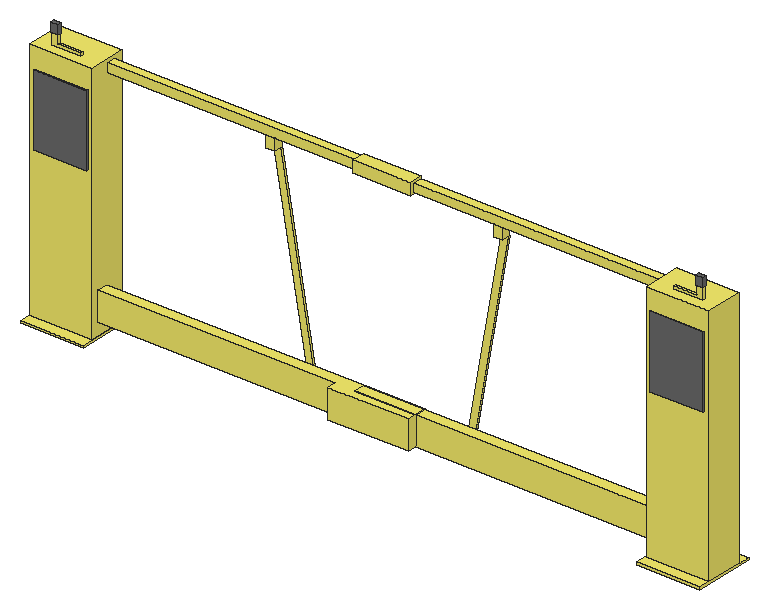
Revit family "Safety_Dock-Gate_Nova-Tech_Sentinel", category Generic Models, Revit 2016
Family settings
  Part Type = Normal
  Can host rebar = No
  Round Connector Dimension = Use Diameter
  OmniClass Number = 23.50.70.00
  OmniClass Title = Loading Dock Equipment
  Work Plane-Based = Yes
  Always vertical = No
  Cut with Voids When Loaded = No
  Shared = No
  Room Calculation Point = No
Parameters
  topbarsidelength = Unit Width - topbarlength + (0' 9 1/4" * 2) + 0' 5"  # 4' - 9 1/4"
  topbarlength = (Unit Width / 2) + 1' 2 1/4"  # 5' - 2 1/4"
  openangle [instance] = if(Gate Closed, 0.00°, 90.00°)  # 0.00°
  centerbraceangle [instance] = if(Gate Closed, 100.00°, 100.00° - openangle - 5.00°)  # 100.00°
  bottombarsidelength = Unit Width - bottombarlength + (0' 3 3/4" * 2) + 0' 7" + 0' 7"  # 4' - 9"
  bottombarlength = (Unit Width / 2) + 1' 0 1/2"  # 5' - 0 1/2"
  Warranty Duration (Years) = 0
  Unit Width = 8' - 0"
  Unit Height = 3' - 6 1/2"
  Unit Depth = 0' - 10 1/2"
  URL = "http://www.novalocks.com/"
  Test Data = ""
  Specification = "http://arcat.com/arcatcos/cos43/arc43493.html?isac=1&r=2"
  SpecWizard = ""
  Send Message = "http://www.arcat.com/users.pl?action=UserEmail&company=Nova+Technology&coid=43493&rep=132&fax=262-502-1511&mf="
  Sales Information = "http://www.novalocks.com/general-contact-info/"
  Revision = "R1_04-2013"
  Product Properties = ""
  Product Data = "http://arcat.com/arcatcos/cos43/arc43493.html?isac=1&r=2"
  Model = "As Specified"
  Manufacturer Website = "http://www.novalocks.com/"
  Manufacturer Phone - Toll Free = "800-236-7325"
  Manufacturer Phone = "262-502-1591"
  Manufacturer Fax = "262-502-1511"
  Manufacturer Address = "N90 W14507 Commerce Dr. Menomonee Falls, WI 53051"
  Manufacturer = "Nova Technology"
  Maintenance Schedule (Months) = 0
  Keynote = "11160"
  Installation-Fabrication = ""
  Installation Phase = ""
  Green Building-LEED = ""
  Gate Open [instance] = not(Gate Closed)  # no
  Gate Closed [instance] = yes
  Fixture Material = Metal - Nova - Yellow
  Expected Lifespan (Years) = 0
  Drawn By = "Sumex Design, Inc. / Robert S. Weygant, CSI, CDT, SCIP"
  Description = "Nova Technology Dock Product as Specified"
  Default Elevation = 4' - 0"
  Copyright = "©Arcat Inc."
  Construction Details = ""
  Capacity = "32000 lbs"
  Building Codes = ""
  Assembly Code = "E1030300"
  Accent [instance] = Metal - Nova - Black
Reference planes (in)
  plane 1 "Wall Side": y = 0
  plane 2 "Host": z = 0
  plane 3 "Center (Left/Right)": x = 0
  plane 4 "OH": y = -10.5
  plane 5 "Top": z = 42.5
  plane 6: x = -48
  plane 7: x = 48
  plane 8: z = 2.5
  plane 9: z = 5
  plane 10: x = -51.75
  plane 11: x = 51.75
  plane 12: z = 42
  plane 13: x = -57.25
  plane 14: x = 57.25
  plane 15: z = 41.25
Forms (in)
  Extrusion 1, solid, material "Metal - Nova - Yellow" <- "Fixture Material"
    sketch origin (0, 0, 0) x (1, 0, 0) y (0, 1, 0)
      loop
        line (-48, 0) -> (-59, 0) -> (-59, -10.5) -> (-48, -10.5) -> (-48, 0)
      loop
        line (48, 0) -> (48, -10.5) -> (59, -10.5) -> (59, 0) -> (48, 0)
    from 0 to 0.4
  Extrusion 2, solid, material "Metal - Nova - Yellow" <- "Fixture Material"
    sketch origin (0, 0, 0) x (1, 0, 0) y (0, 1, 0)
      loop
        line (-59, -8.5) -> (-48.25, -8.5) -> (-48.25, -2) -> (-59, -2) -> (-59, -8.5)
      loop
        line (59, -8.5) -> (59, -2) -> (48.25, -2) -> (48.25, -8.5) -> (59, -8.5)
    from 0 to 42.5
  Extrusion 3, solid, material "Metal - Nova - Yellow" <- "Fixture Material"
    sketch origin (-51.75, 0, 5) x (1, 0, 0) y (0, 0, 1)
      loop
        line (58.75, -2.5) -> (58.75, 2.5) -> (-1.75, 2.5) -> (-1.75, -2.5) -> (58.75, -2.5)
    from 5.25 to 7.25
  Extrusion 4, solid, material "Metal - Nova - Yellow" <- "Fixture Material"
    sketch origin (-51.75, 0, 5) x (1, 0, 0) y (0, 0, 1)
      loop
        line (58.75, 2.5) -> (44.75, 2.5) -> (44.75, -2.5) -> (58.75, -2.5) -> (58.75, 2.5)
    from 5.25 to 8.75
  Extrusion 5, solid, material "Metal - Nova - Yellow" <- "Fixture Material"
    sketch origin (51.75, 0, 5) x (-1, 0, 0) y (0, 0, -1)
      loop
        line (55.25, -2.5) -> (55.25, 2.5) -> (-1.75, 2.5) -> (-1.75, -2.5) -> (55.25, -2.5)
    from 5.25 to 7.25
  Extrusion 6, solid, material "Metal - Nova - Yellow" <- "Fixture Material"
    sketch origin (-11.94222, -10.5, 48) x (-1, 0, 0) y (0, 0, 1)
      loop
        line (44.55778, -5.5) -> (44.55778, -3.5) -> (43.55778, -3.5) -> (43.55778, -5) -> (39.55778, -5) -> (39.55778, -5.5) -> (44.55778, -5.5)
      loop
        line (-68.44222, -5.5) -> (-63.44222, -5.5) -> (-63.44222, -5) -> (-67.44222, -5) -> (-67.44222, -3.5) -> (-68.44222, -3.5) -> (-68.44222, -5.5)
    from 3.76421 to 4.0972
  Extrusion 7, solid, material "Metal - Nova - Black" <- "Accent"
    sketch origin (-11.94222, -10.5, 48) x (-1, 0, 0) y (0, 0, 1)
      loop
        line (43.43278, -3.5) -> (44.68278, -3.5) -> (44.68278, -1.875) -> (43.43278, -1.875) -> (43.43278, -3.5)
      loop
        line (-67.31722, -3.5) -> (-67.31722, -1.875) -> (-68.56722, -1.875) -> (-68.56722, -3.5) -> (-67.31722, -3.5)
    from 3.63277 to 4.19996
  Extrusion 8, solid, material "Metal - Nova - Yellow" <- "Fixture Material"
    sketch origin (-57.25, 0, 41.25) x (1, 0, 0) y (0, 0, 1)
      loop
        line (0, 0.75) -> (0, -0.75) -> (62.25, -0.75) -> (62.25, 0.75) -> (0, 0.75)
    from 3.75 to 5.25
  Extrusion 9, solid, material "Metal - Nova - Yellow" <- "Fixture Material"
    sketch origin (-57.25, 0, 41.25) x (1, 0, 0) y (0, 0, 1)
      loop
        line (62.25, 1) -> (52.25, 1) -> (52.25, -1) -> (62.25, -1) -> (62.25, 1)
    from 3.5 to 5.75
  Extrusion 10, solid, material "Metal - Nova - Yellow" <- "Fixture Material"
    sketch origin (57.25, 0, 41.25) x (-1, 0, 0) y (0, 0, -1)
      loop
        line (0, -0.75) -> (57.25, -0.75) -> (57.25, 0.75) -> (0, 0.75) -> (0, -0.75)
    from 3.75 to 5.25
  Extrusion 11, solid, material "Metal - Nova - Yellow" <- "Fixture Material"
    sketch origin (-61.25, 0, 41.25) x (1, 0, 0) y (0, 0, 1)
      loop
        line (42.25, -0.75) -> (40.75, -0.75) -> (40.75, -2.75) -> (42.25, -2.75) -> (42.25, -0.75)
    from 3.75 to 5.25
  Extrusion 12, solid, material "Metal - Nova - Yellow" <- "Fixture Material"
    sketch origin (61.25, 0, 41.25) x (-1, 0, 0) y (0, 0, -1)
      loop
        line (42.25, 0.75) -> (42.25, 2.75) -> (40.75, 2.75) -> (40.75, 0.75) -> (42.25, 0.75)
    from 3.75 to 5.25
  Extrusion 13, solid, material "Metal - Nova - Yellow" <- "Fixture Material"
    sketch origin (-19.75, 0, 38.5) x (0.173648, 0, -0.984808) y (0.984808, 0, 0.173648)
      loop
        line (34.01679, -0.625) -> (34.01679, 0.625) -> (0, 0.625) -> (0, -0.625) -> (34.01679, -0.625)
    from 3.5 to 3.75
  Extrusion 14, solid, material "Metal - Nova - Yellow" <- "Fixture Material"
    sketch origin (19.75, 0, 38.5) x (-0.173648, 0, -0.984808) y (0.984808, 0, -0.173648)
      loop
        line (0, 0.625) -> (0, -0.625) -> (34.01679, -0.625) -> (34.01679, 0.625) -> (0, 0.625)
    from 3.5 to 3.75
  Extrusion 15, solid, material "Metal - Nova - Black" <- "Accent"
    sketch origin (-11.94222, -10.5, 48) x (-1, 0, 0) y (0, 0, 1)
      loop
        line (46.16719, -9.02821) -> (36.91719, -9.02821) -> (36.91719, -21.52821) -> (46.16719, -21.52821) -> (46.16719, -9.02821)
      loop
        line (-70.05163, -9.02821) -> (-70.05163, -21.52821) -> (-60.80163, -21.52821) -> (-60.80163, -9.02821) -> (-70.05163, -9.02821)
    from 1.81056 to 2
Cuts and joins
  joined: Extrusion 3, Extrusion 4
  joined: Extrusion 8, Extrusion 9
Lines and regions (in)
  reference lines
    curve 1: line (-51.75, 0, 5) -> (-7, 0, 5)
    curve 3: line (51.75, 0, 5) -> (7, 0, 5)
    curve 4: line (-57.25, 0, 41.25) -> (-33.25, 0, 41.25)
    curve 5: line (57.25, 0, 41.25) -> (33.25, 0, 41.25)
    curve 6: line (-19.75, 0, 38.5) -> (-13.84305, 0, 5)
    curve 7: line (19.75, 0, 38.5) -> (13.84305, 0, 5)
  symbolic lines
    curve 2: line (-48.25, -8.5, 0) -> (-48.25, -7.25, 0)
Dimensions and locks (in)
  equal spacing: plane 6, plane 3 "Center (Left/Right)", plane 7
  "Unit Width": plane 6 to plane 7
  "Unit Depth": plane 4 "OH" to plane 1 "Wall Side"
  "Unit Height": plane 5 "Top" to level
  locked: plane 7 to Extrusion 1 sketch curve at 11
  locked: Extrusion 1 sketch curve to plane 6 at 11
  locked: Extrusion 2 sketch curve to plane 6 at 11
  locked: plane 7 to Extrusion 2 sketch curve at 11
  locked: plane 7 to Extrusion 2 sketch curve at 0.25
  locked: Extrusion 2 sketch curve to plane 6 at 0.25
  locked: plane 8 to level at 2.5
  locked: Extrusion 3 sketch curve to Extrusion 3 sketch curve at 5
  locked: plane 6 to plane 10 at 3.75
  "bottombarlength": Extrusion 3 sketch curve to Extrusion 3 sketch curve
  "bottombarlength": Extrusion 3 to Extrusion 4 sketch curve
  locked: Extrusion 4 sketch curve to Extrusion 4 sketch curve at 14
  "bottombarsidelength": Extrusion 5 sketch curve to Extrusion 5 sketch curve
  locked: Extrusion 5 sketch curve to Extrusion 5 sketch curve at 5
  plane 6 to Extrusion 6 sketch curve to Extrusion 6 sketch curve to Extrusion 6 sketch curve = 0' - 3 1/2" locked, 0' - 4" locked, 0' - 1" locked
  Extrusion 6 sketch curve to Extrusion 6 sketch curve to Extrusion 6 sketch curve to plane 7 = 0' - 1" locked, 0' - 4" locked, 0' - 3 1/2" locked
  locked: plane 5 "Top" to plane 12 at 0.5
  locked: plane 6 to plane 13 at 9.25
  locked: plane 11 to plane 7 at 3.75
  locked: plane 14 to plane 7 at 9.25
  locked: plane 12 to plane 15 at 0.75
  "topbarlength": Extrusion 8 sketch curve to Extrusion 8 sketch curve
  locked: Extrusion 8 sketch curve to Extrusion 8 sketch curve at 1.5
  "topbarlength": Extrusion 8 to Extrusion 9 sketch curve
  locked: Extrusion 9 sketch curve to Extrusion 9 sketch curve at 10
  "topbarsidelength": Extrusion 10 sketch curve to Extrusion 10 sketch curve
  "openangle": angle plane 9 to curve 1
  "openangle": angle curve 3 to plane 9
  "openangle": angle plane 15 to curve 4
  "openangle": angle curve 5 to plane 15
  "centerbraceangle": angle curve 4 to curve 6
  "centerbraceangle": angle curve 7 to curve 5
  aligned and locked: plane 7 to Extrusion 1 sketch curve
  aligned and locked: plane 1 "Wall Side" to Extrusion 1 sketch curve
  aligned and locked: plane 4 "OH" to Extrusion 1 sketch curve
  aligned and locked: Extrusion 1 sketch curve to plane 1 "Wall Side"
  aligned and locked: Extrusion 1 sketch curve to plane 4 "OH"
  aligned and locked: plane 6 to Extrusion 1 sketch curve
  aligned and locked: Extrusion 2 to plane 5 "Top"
  aligned and locked: plane 9 to curve 1
  aligned and locked: plane 10 to curve 1
  aligned and locked: plane 11 to curve 3
  aligned and locked: plane 9 to curve 3
  aligned and locked: plane 13 to curve 4
  aligned and locked: plane 15 to curve 4
  aligned and locked: plane 14 to curve 5
  aligned and locked: plane 15 to curve 5
Automatic sketch dimensions
  curve 2 to plane 6 = 0' - 0 1/4"
  plane 4 "OH" to curve 2 = 0' - 2"
  curve 2 to curve 2 = 0' - 1 1/4"
  plane 4 "OH" to Extrusion 2 sketch curve = 0' - 2"  (x2)
  plane 1 "Wall Side" to Extrusion 2 sketch curve = 0' - 2"  (x2)
  Extrusion 3 sketch curve to curve 1 = 0' - 1 3/4"
  Extrusion 3 sketch curve to curve 1 = 0' - 2 1/2"
  curve 1 to Extrusion 4 sketch curve = 0' - 2 1/2"
  Extrusion 4 sketch curve to curve 1 = 0' - 2 1/2"
  Extrusion 5 sketch curve to curve 3 = 0' - 1 3/4"
  Extrusion 5 sketch curve to curve 3 = 0' - 2 1/2"
  Extrusion 6 sketch curve to plane 5 "Top" = 0' - 0"  (x2)
  plane 5 "Top" to Extrusion 6 sketch curve = 0' - 0 1/2"  (x2)
  Extrusion 6 sketch curve to Extrusion 6 sketch curve = 0' - 1 1/2"  (x2)
  plane 14 to Extrusion 7 sketch curve = 0' - 0 5/8"
  Extrusion 7 sketch curve to Extrusion 7 sketch curve = 0' - 1 1/4"
  plane 13 to Extrusion 7 sketch curve = 0' - 1 7/8"
  plane 13 to Extrusion 7 sketch curve = 0' - 0 5/8"
  plane 5 "Top" to Extrusion 7 sketch curve = 0' - 2"  (x2)
  Extrusion 7 sketch curve to Extrusion 7 sketch curve = 0' - 1 5/8"  (x2)
  Extrusion 8 sketch curve to curve 4 = 0' - 0"
  Extrusion 8 sketch curve to curve 4 = 0' - 0 3/4"
  curve 4 to Extrusion 9 sketch curve = 0' - 1"
  Extrusion 9 sketch curve to curve 4 = 0' - 1"
  Extrusion 10 sketch curve to curve 5 = 0' - 0"
  Extrusion 10 sketch curve to curve 5 = 0' - 0 3/4"
  curve 5 to Extrusion 10 sketch curve = 0' - 0 3/4"
  curve 4 to Extrusion 11 sketch curve = 0' - 0 3/4"
  curve 4 to Extrusion 11 sketch curve = 1' - 0 3/4"
  Extrusion 11 sketch curve to Extrusion 11 sketch curve = 0' - 1 1/2"
  Extrusion 11 sketch curve to Extrusion 11 sketch curve = 0' - 2"
  Extrusion 12 sketch curve to curve 5 = 0' - 0 3/4"
  curve 5 to Extrusion 12 sketch curve = 1' - 0 3/4"
  Extrusion 12 sketch curve to Extrusion 12 sketch curve = 0' - 1 1/2"
  Extrusion 12 sketch curve to Extrusion 12 sketch curve = 0' - 2"
  curve 7 to curve 5 = 0' - 2 3/4"
  curve 5 to curve 7 = 1' - 1 1/2"
  curve 4 to curve 6 = 0' - 2 3/4"
  curve 4 to curve 6 = 1' - 1 1/2"
  Extrusion 13 sketch curve to curve 6 = 0' - 0"  (x2)
  Extrusion 13 sketch curve to curve 6 = 0' - 0 5/8"
  curve 6 to Extrusion 13 sketch curve = 0' - 0 5/8"
  Extrusion 14 sketch curve to curve 7 = 0' - 0"  (x2)
  Extrusion 14 sketch curve to curve 7 = 0' - 0 5/8"
  curve 7 to Extrusion 14 sketch curve = 0' - 0 5/8"
  Extrusion 15 sketch curve to plane 14 = 0' - 0.85941"
  plane 7 to Extrusion 15 sketch curve = 0' - 0.85941"
  Extrusion 15 sketch curve to plane 6 = 0' - 0.85941"
  Extrusion 15 sketch curve to plane 13 = 0' - 0.85941"
  Extrusion 15 sketch curve to plane 15 = 1' - 2.77821"  (x2)
  Extrusion 15 sketch curve to plane 15 = 0' - 2.27821"  (x2)
